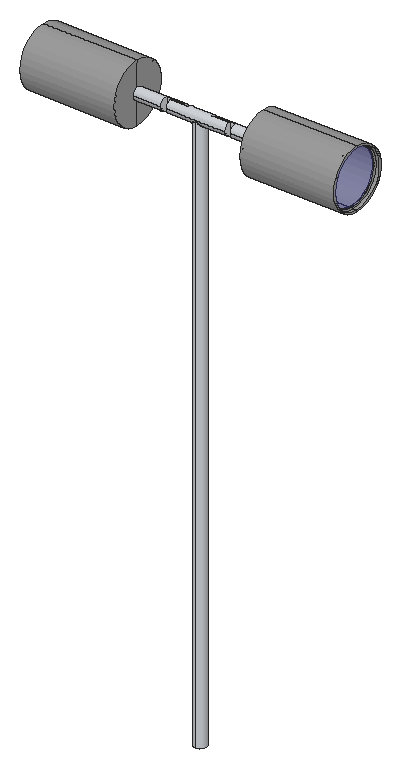
Revit family "Alcon-9170-D-24-Revit-Family", category Generic Models, host Face, Revit 2025
Family settings
  Host = Face
  Can host rebar = No
  Round Connector Dimension = Use Diameter
  Part Type = Normal
  Cut with Voids When Loaded = No
  Maintain Annotation Orientation = No
  Shared = No
  Room Calculation Point = No
Parameters
  URL = "https://www.alconlighting.com/?srsltid=AfmBOooDPhGQ0dEP-X2PMtxFfvvWpIAEL4jCll_O2F4_to5onvhnBomy"
  Product Page = "https://www.alconlighting.com/9170-d-alcon.html"
  Model = "9170-D-24"
  Manufacturer = "Alcon Lighting"
  Length Rotation 2 = -90.00°
  Fixture Rotation = 90.00°
  Default Elevation = 4' - 0"
  Body = none
Reference planes (in)
  plane 1 "Center (Front/Back)": y = 0
  plane 2: z = 0
  plane 3 "Center (Left/Right)": x = 0
Forms (in)
  Extrusion 1, void
    sketch origin (0.14091, 0, 0) x (1, 0, 0) y (0, 1, 0)
      loop
        line (0.36144, 0) -> (1.18653, 0) -> (1.18653, 0.30004) -> (0.36144, 0.30004) -> (0.36144, 0)
      loop
        line (-0.64326, 0) -> (-0.64326, 0.30004) -> (-1.46835, 0.30004) -> (-1.46835, 0) -> (-0.64326, 0)
    from 23.54243 to 24.35005
  Extrusion 2, solid, material <- "Body"
    sketch origin (1.98551, 0, 0) x (1, 0, 0) y (0, 1, 0)
      loop
        circle (-1.98551, 0) r 0.25
    from 0 to 24
  Extrusion 3, solid, material <- "Body"
    sketch origin (-1.24627, 0, 5.98195) x (0, 1, 0) y (0, 0, 1)
      loop
        circle (0, 18) r 0.25
    from 0 to 2.5
  Extrusion 4, void
    sketch origin (0, 0, 5.98195) x (1, 0, 0) y (0, 0, 1)
      loop
        line (0, 18) -> (-0.26463, 17.73537) -> (0.26463, 17.73537) -> (0, 18)
    from -0.31788 to 0.3649
  Extrusion 5, void
    sketch origin (0, 0, 5.98195) x (1, 0, 0) y (0, 0, 1)
      loop
        line (0, 18) -> (0.25, 17.75) -> (0.25, 18.01805) -> (-0.25, 18.01805) -> (-0.25, 17.75) -> (0, 18)
    from -0.31086 to 0.31596
Cuts and joins
  Extrusion 1, Extrusion 4 cuts Extrusion 3
  Extrusion 5 cuts Extrusion 2
Lines and regions (in)
  reference lines
    curve 1: line (0.94766, 0, 27.25) -> (0.94766, 0, 14.75)
    curve 2: line (-0.94646, 0, 27.25) -> (-0.94646, 0, 14.75)
Dimensions and locks (in)
  "Fixture Rotation": angle nested 1 to curve 1
  "Length Rotation 2": angle curve 2 to nested 2
  aligned and locked: plane 2 to host face
  aligned and locked: level to host face
Automatic sketch dimensions
  host sketch curve to host sketch curve = 8' - 0"  (x2)
  curve 2 to plane 3 "Center (Left/Right)" = 0' - 0.94646"
  plane 3 "Center (Left/Right)" to curve 1 = 0' - 0.94766"
  level to curve 1 = 1' - 2 3/4"
  curve 2 to curve 1 = 0' - 0"
  curve 2 to curve 2 = 1' - 0 1/2"
  curve 1 to curve 2 = 0' - 0"
  plane 1 "Center (Front/Back)" to Extrusion 1 sketch curve = 0' - 0"  (x2)
  Extrusion 1 sketch curve to plane 3 "Center (Left/Right)" = 0' - 1.32744"
  Extrusion 1 sketch curve to plane 3 "Center (Left/Right)" = 0' - 0.50235"
  plane 3 "Center (Left/Right)" to Extrusion 1 sketch curve = 0' - 0.50235"
  Extrusion 1 sketch curve to plane 1 "Center (Front/Back)" = 0' - 0.30004"
  Extrusion 1 sketch curve to Extrusion 1 sketch curve = 0' - 0.82509"
  Extrusion 1 sketch curve to Extrusion 1 sketch curve = 0' - 0.30004"
  Extrusion 2 sketch curve to Extrusion 2 sketch curve = 0' - 0"  (x2)
  Extrusion 2 sketch curve to plane 3 "Center (Left/Right)" = 0' - 0"
  plane 1 "Center (Front/Back)" to Extrusion 2 sketch curve = 0' - 0"
  plane 1 "Center (Front/Back)" to Extrusion 2 sketch curve = 0' - 0 1/4"
  Extrusion 3 sketch curve to Extrusion 3 sketch curve = 0' - 0"  (x2)
  Extrusion 3 sketch curve to plane 1 "Center (Front/Back)" = 0' - 0"
  level to Extrusion 3 sketch curve = 1' - 11.98195"
  plane 1 "Center (Front/Back)" to Extrusion 3 sketch curve = 0' - 0 1/4"
  Extrusion 4 sketch curve to plane 3 "Center (Left/Right)" = 0' - 0"
  Extrusion 4 sketch curve to plane 3 "Center (Left/Right)" = 0' - 0.26463"
  plane 3 "Center (Left/Right)" to Extrusion 4 sketch curve = 0' - 0.26463"
  level to Extrusion 4 sketch curve = 1' - 11.71733"
  Extrusion 5 sketch curve to plane 3 "Center (Left/Right)" = 0' - 0"
  Extrusion 5 sketch curve to plane 3 "Center (Left/Right)" = 0' - 0 1/4"
  plane 3 "Center (Left/Right)" to Extrusion 5 sketch curve = 0' - 0 1/4"
  level to Extrusion 5 sketch curve = 1' - 11.73195"
  Extrusion 5 sketch curve to Extrusion 5 sketch curve = 0' - 0"
  Extrusion 5 sketch curve to Extrusion 5 sketch curve = 0' - 0.01805"
Nested families (in)
  nested 1: "Alcon-9170-S-Housing-Revit-Family" at (0.94706, 0, 23.98135) x (-1, 0, 0) z (0, -1, 0), type "Alcon-9170-S-Housing-Revit-Family"
    with built-in parameter 1001306 1.7292 (stored number, unit not read)
  nested 2: "Alcon-9170-S-Housing-Revit-Family" at (-0.94586, 0, 23.98135) x (1, 0, 0) z (0, -1, 0), type "Alcon-9170-S-Housing-Revit-Family"
    with built-in parameter 1001306 1.7292 (stored number, unit not read)
Definition of nested family "Alcon-9170-S-Housing-Revit-Family"
  Parameters (values of type "Alcon-9170-S-Housing-Revit-Family")
    Wattage = 9.2903 W
    built-in parameter 1150110 = 1 (stored number, unit not read)
    built-in parameter 1114217 = 1 (stored number, unit not read)
    Tilt Angle = 0.00°
    built-in parameter 1150109 = 1 (stored number, unit not read)
    built-in parameter 1150134 = 3
    built-in parameter 1150113 = 1 (stored number, unit not read)
    built-in parameter 1010507 = 1.5708 (stored number, unit not read)
    built-in parameter 1010506 = 0.5236 (stored number, unit not read)
    built-in parameter 1150105 = 4614.1 (stored number, unit not read)
    Lumens = 1380 lm
    built-in parameter 1150115 = 1 (stored number, unit not read)
    Light Source Symbol Length = 10' - 0"
    built-in parameter 1150137 = (empty or 0)
    built-in parameter 1150139 = (empty or 0)
    Lens = none
    built-in parameter 1001306 [instance] = 4' - 0"
    built-in parameter 1150112 = 1 (stored number, unit not read)
    built-in parameter 1150114 = 1 (stored number, unit not read)
    built-in parameter 1150132 = (empty or 0)
    built-in parameter 1150102 = (empty or 0)
    built-in parameter 1150107 = 3200 (stored number, unit not read)
    built-in parameter 1150138 = (empty or 0)
    built-in parameter 1150106 = 46.141 (stored number, unit not read)
    Housing = none
    built-in parameter 1150104 = 13.8 (stored number, unit not read)
    Dimming Lamp Color Temperature Shift = (empty or 0)
    Default Elevation = 0' - 0"
    Color Filter = 16777215
    built-in parameter 1114218 = 1 (stored number, unit not read)
    built-in parameter 1150133 = 10 (stored number, unit not read)
  Reference planes (in)
    plane 1 "Center (Front/Back)": y = 0
    plane 2: z = 0
    plane 3 "Left": x = 0
    plane 4 "Right": x = 48
  Forms (in)
    Revolve 1, solid, material <- "Housing"
      sketch origin (-6.74627, 0, 0) x (1, 0, 0) y (0, 1, 0)
        loop
          line (4.9375, 0) -> (5, 0) -> (5, 1.25) -> (1, 1.25) -> (1, 1.1875) -> (1.16706, 1.1875) -> (1.16706, 1.125) -> (1.22956, 1.125) -> (1.22956, 1.1875) -> (4.9375, 1.1875) -> (4.9375, 0)
        axis (1, 0) -> (5, 0)
      angle from 0 to 360
    Extrusion 2, solid, material <- "Lens"
      sketch origin (-5.5792, 0, 0) x (0, 1, 0) y (0, 0, -1)
        loop
          circle (0, 0) r 1.125
      from 0 to -0.0625
    Revolve 3, solid
      sketch origin (-6.74627, 0, 0) x (1, 0, 0) y (0, 0, 1)
        loop
          line (5, 0) -> (7, 0) -> (7, 0.25) -> (5, 0.25) -> (5, 0)
        axis (5, 0) -> (7, 0)
      angle from 0 to 360
    Extrusion 4, void
      sketch origin (-6.74627, 0, 0) x (1, 0, 0) y (0, 0, 1)
        loop
          line (6.21071, -0.03618) -> (7.05246, -0.03618) -> (7.05246, 0.26972) -> (6.21071, 0.26972) -> (6.21071, -0.03618)
      from -0.49956 to 0.5
  Cuts and joins
    Extrusion 4 cuts Revolve 3
  Lines and regions (in)
    reference lines
      curve 1: line (0, 0, 0) -> (48, 0, 0)
    model lines
      curve 2: line (0, 0, 0) -> (-27.5, 0, 0)
  Dimensions and locks (in)
    "built-in parameter 1001306": plane 3 "Left" to plane 4 "Right"
    aligned and locked: plane 4 "Right" to curve 1
    aligned and locked: plane 1 "Center (Front/Back)" to curve 1
    aligned and locked: plane 3 "Left" to curve 1
    aligned and locked: level to plane 2
    aligned and locked: imposter light to Extrusion 2
  Automatic sketch dimensions
    Extrusion 4 sketch curve to level = 0' - 0.03618"
    level to Extrusion 4 sketch curve = 0' - 0.26972"
    Extrusion 4 sketch curve to plane 3 "Left" = 0' - 0.53555"
    Extrusion 4 sketch curve to Extrusion 4 sketch curve = 0' - 0.84175"
    plane 1 "Center (Front/Back)" to curve 2 = 0' - 0"
    curve 2 to plane 3 "Left" = 0' - 0"
    curve 2 to curve 2 = 2' - 3 1/2"
    Revolve 3 sketch curve to level = 0' - 0"  (x2)
    Revolve 3 sketch curve to plane 3 "Left" = 0' - 1.74627"
    Revolve 3 sketch curve to Revolve 3 sketch curve = 0' - 0 1/4"  (x2)
    Revolve 3 sketch curve to Revolve 3 sketch curve = 0' - 0.34205"
    plane 3 "Left" to Revolve 3 sketch curve = 0' - 0.25373"
    plane 1 "Center (Front/Back)" to Revolve 1 sketch curve = 0' - 0"  (x2)
    Revolve 1 sketch curve to plane 1 "Center (Front/Back)" = 0' - 1 3/16"
    Revolve 1 sketch curve to plane 3 "Left" = 0' - 5.74627"
    Revolve 1 sketch curve to plane 1 "Center (Front/Back)" = 0' - 1 1/8"
    Revolve 1 sketch curve to Revolve 1 sketch curve = 0' - 0.16706"
    Revolve 1 sketch curve to Revolve 1 sketch curve = 0' - 0 1/16"  (x3)
    Revolve 1 sketch curve to plane 3 "Left" = 0' - 1.80877"
    Revolve 1 sketch curve to Revolve 1 sketch curve = 0' - 1 3/16"
    Revolve 1 sketch curve to Revolve 1 sketch curve = 0' - 0.68502"
    Revolve 1 sketch curve to Revolve 1 sketch curve = 0' - 2.12252"
    radius of Extrusion 2 sketch curve to Revolve 1 = 0' - 0"
